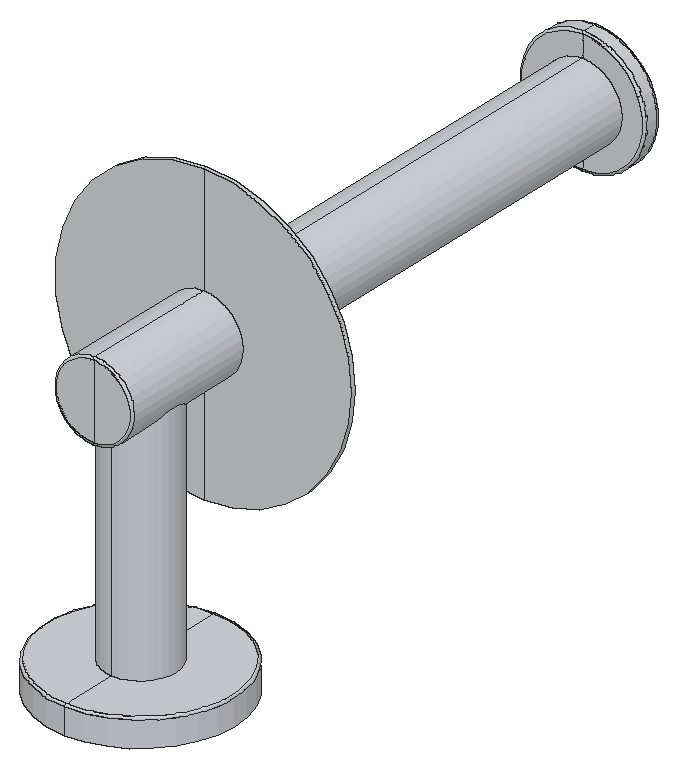
Revit family "Accessory-Tissue_Holder-KOHLER-STILLNESS-K-14459T_1", category Specialty Equipment, host Face, Revit 2017
Family settings
  Host = Face
  Round Connector Dimension = Use Diameter
  Part Type = Normal
  OmniClass Number = 23.31.25.21
  OmniClass Title = Toilet Paper Dispensers
  Cut with Voids When Loaded = No
  Shared = No
  Room Calculation Point = No
Parameters (values of type "CP-Polished Chrome")
  Width = 2 127/128"  # constant formula
  WaterSense Certified = 1 = 0  # no
  URL = "http://www.kohler.com.cn/en/"
  Type = 1
  Product Page URL = "http://www.kohler.com.cn/product/K-14459T-CP/K-14459T-CP/"
  Product Name = "STILLNESS"  # constant formula
  Product Documentation Link = "http://files.kohler.com.cn/pdfs/stillness.pdf"
  Model = if(Type = 1, "K-14459T-CP", if(Type = 2, "K-14459T-BN", if(Type = 3, "K-14459T-PGD", if(Type = 4, "K-14459T-RGD", if(Type = 5, "K-14459T-SN", "NA")))))  # "K-14459T-CP"
  Material = "Solid Brass Construction"  # constant formula
  Master Format 2014 Name = "Toilet, Bath, and Laundry Accessories"  # constant formula
  Master Format 2014 = "10 28 00"  # constant formula
  Manufacturer Address = "158 Jiangchang 3rd Road Zhabei District Shanghai, 200436 China"  # constant formula
  Manufacturer = "KOHLER Co."  # constant formula
  Length = 4 85/256"  # constant formula
  Height = 6 167/256"  # constant formula
  Finish = Kohler-Metal-CP-Polished_Chrome
  Environmental Product Declaration = ""
  Description = "Toilet Paper Holder (Vertical type)"  # constant formula
  Default Elevation = 42"
  Declare Label = ""
  Date Modified = "06/08/2020"  # constant formula
  Date Created = "06/08/2020"  # constant formula
  Copyright = "Copyright KOHLER Co."  # constant formula
  Contact Us = "http://www.kohler.com.cn/en/contact/contact-us/"
  Assembly Code = "C1030200"
  ADA Compliant = 1 = 0  # no
Types (6): name | Type | Product Page URL | Model | Finish
  (no name) | 1 | "http://www.kohler.com.cn/product/K-14459T-CP/K-14459T-CP/" | "K-14459T-CP" | Kohler-Metal-CP-Polished_Chrome
  CP-Polished Chrome | 1 | "http://www.kohler.com.cn/product/K-14459T-CP/K-14459T-CP/" | "K-14459T-CP" | Kohler-Metal-CP-Polished_Chrome
  BN-Roman Silver | 2 | "http://www.kohler.com.cn/product/K-14459T-CP/K-14459T-BN/" | "K-14459T-BN" | Kohler-Metal-BN-Roman_Silver
  PGD-Eternal Gold | 3 | "http://www.kohler.com.cn/product/K-14459T-CP/K-14459T-PGD/" | "K-14459T-PGD" | Kohler-Metal-PGD-Eternal_Gold
  RGD-Rose Gold | 4 | "http://www.kohler.com.cn/product/K-14459T-CP/K-14459T-RGD/" | "K-14459T-RGD" | Kohler-Metal-RGD-Rose_Gold
  SN-Champagne Gold | 5 | "http://www.kohler.com.cn/product/K-14459T-CP/K-14459T-SN/" | "K-14459T-SN" | Kohler-Metal-SN-Champagne_Gold
Reference planes (in)
  plane 1 "Center (Front/Back)": y = 0
  plane 2: z = 0
  plane 3 "Center (Left/Right)": x = 0
  plane 4: y = -0.94368
  plane 5: y = 0.94608
  plane 6: x = -0.94488
  plane 7: x = 0.94488
  plane 8: x = -1.49606
  plane 9: x = 1.49612
  plane 10: y = -0.59175
  plane 11: y = 0.7874
  plane 12: y = 0.82677
  plane 13: y = 5.70866
  plane 14: x = -0.62992
  plane 15: x = 0.62992
  plane 16: y = 5.53691
  plane 17: x = -0.3937
  plane 18: x = 0.3937
  plane 19: z = 2.83465
  plane 20: z = 0.27556
  plane 21: y = 0.35433
  plane 22: y = -0.35433
  plane 23: z = 3.23745
  plane 24: z = 2.45005
  plane 25: z = 3.47373
  plane 26: z = 2.19556
  plane 27: z = 4.33203
  plane 28: z = 1.33991
  plane 29: x = 0.35433
  plane 30: x = -0.35433
Dimensions and locks (in)
  locked: plane 4 to plane 5 at 1.88976
  locked: plane 6 to plane 7 at 1.88976
  "Width": plane 8 to plane 9
  plane 13 to plane 10 = 6.30041"
  "Height": plane 4 to plane 13
  locked: plane 28 to plane 27 at 2.99213
  "Length": plane 27 to plane 2
  aligned and locked: plane 2 to host face
  aligned and locked: level to host face
Automatic sketch dimensions
  host sketch curve to host sketch curve = 96"  (x2)
Nested families (in)
  nested 1: "K-14459T" at (0, 0, 0), type "K-14459T"
Definition of nested family "K-14459T"
  Parameters (values of type "K-14459T")
    Material = none
  Reference planes (in)
    plane 1 "Center (Front/Back)": y = 0
    plane 2: z = 0
    plane 3 "Center (Left/Right)": x = 0
    plane 4: x = -0.94488
    plane 5: x = 0.94488
    plane 6: y = 0.94488
    plane 7: y = -0.94488
    plane 8: x = -1.49606
    plane 9: x = 1.49606
    plane 10: y = -0.59055
    plane 11: y = 5.70866
    plane 12: y = 0.7874
    plane 13: y = 0.82677
    plane 14: z = 0.27556
    plane 15: z = 4.33071
    plane 16: z = 1.33858
    plane 17: z = 2.83465
    plane 18: y = 0.35433
    plane 19: y = -0.35433
    plane 20: x = 0.35433
    plane 21: x = -0.35433
    plane 22: z = 3.23745
    plane 23: z = 2.45005
    plane 24: z = 3.47373
    plane 25: z = 2.19556
    plane 26: x = -0.3937
    plane 27: x = 0.3937
    plane 28: x = 0.62992
    plane 29: x = -0.62992
  Forms (in)
    Revolve 1, solid, material <- "Material", detail levels medium+fine
      sketch origin (0, -5.12656, 0.01124) x (0, 0, -1) y (0, 1, 0)
        loop
          line (-2.83251, 4.53601) -> (-2.83251, 10.83522) -> (-3.44043, 10.83522)
          arc (-3.44043, 10.83522) -> (-3.45599, 10.82877) -> (-3.46243, 10.81321) r 0.02201
          line (-3.46243, 10.81321) -> (-3.46243, 10.68456)
          arc (-3.46243, 10.68456) -> (-3.45626, 10.66965) -> (-3.44134, 10.66347) r 0.02109
          line (-3.44134, 10.66347) -> (-3.22621, 10.66347) -> (-3.22621, 5.95333) -> (-4.31947, 5.95333) -> (-4.31947, 5.91396) -> (-3.22621, 5.91396) -> (-3.22621, 4.55796)
          arc (-3.22621, 4.55796) -> (-3.21978, 4.54244) -> (-3.20426, 4.53601) r 0.02195
          line (-3.20426, 4.53601) -> (-2.83251, 4.53601)
        axis (-2.83251, 4.53601) -> (-2.83251, 10.83522)
      angle from 0 to 360
    Revolve 2, solid, material <- "Material", detail levels medium+fine
      sketch origin (0, -1.28427, -1.28427) x (0, 0, -1) y (0, 1, 0)
        loop
          line (-1.28427, 1.28427) -> (-4.18337, 1.28427) -> (-4.18337, 0.92994) -> (-1.55986, 0.92994) -> (-1.55986, 0.3608)
          arc (-1.55986, 0.3608) -> (-1.55359, 0.34566) -> (-1.53846, 0.33939) r 0.02141
          line (-1.53846, 0.33939) -> (-1.28427, 0.33939) -> (-1.28427, 1.28427)
        axis (-1.28427, 1.28427) -> (-4.18337, 1.28427)
      angle from 0 to 360
    Revolve 3, solid, material <- "Material", detail levels coarse
      sketch origin (0, 0, 0) x (0, 1, 0) y (0, 0, 1)
        loop
          line (5.70791, 2.83465) -> (5.70791, 3.47183) -> (0.82677, 3.47183) -> (0.82677, 4.33071) -> (0.7874, 4.33071) -> (0.7874, 3.47183) -> (-0.59055, 3.47183) -> (-0.59055, 2.83465) -> (5.70791, 2.83465)
        axis (-0.59055, 2.83465) -> (5.70791, 2.83465)
      angle from 0 to 360
    Revolve 4, solid, material <- "Material", detail levels coarse
      sketch origin (0, 0, 0) x (0, 1, 0) y (0, 0, 1)
        loop
          line (0, 0) -> (0, 2.69718) -> (-0.35433, 2.69718) -> (-0.35433, 0.27556) -> (-0.94488, 0.27556) -> (-0.94488, 0) -> (0, 0)
        axis (0, 2.69718) -> (0, 0)
      angle from 0 to 360
  Cuts and joins
    joined: Revolve 1, Revolve 2
    joined: Revolve 3, Revolve 4
  Lines and regions (in)
    Masking region 1
      outline origin (0, 0, 0) x (1, 0, 0) y (0, 0, 1)
        loop
          line (0.94488, 0) -> (0.94488, 0.25446)
          arc (0.94488, 0.25446) -> (0.93869, 0.2694) -> (0.92375, 0.27559) r 0.02113
          line (0.92375, 0.27559) -> (0.35433, 0.27559) -> (0.35433, 1.38115)
          arc (0.35433, 1.38115) -> (1.1765, 1.9105) -> (1.49606, 2.83465) r 1.49606
          arc (1.49606, 2.83465) -> (1.05788, 3.89252) -> (0, 4.33071) r 1.49606
          arc (0, 4.33071) -> (-1.05788, 3.89252) -> (-1.49606, 2.83465) r 1.49606
          arc (-1.49606, 2.83465) -> (-1.1765, 1.9105) -> (-0.35433, 1.38115) r 1.49606
          line (-0.35433, 1.38115) -> (-0.35433, 0.27559) -> (-0.92375, 0.27559)
          arc (-0.92375, 0.27559) -> (-0.93869, 0.2694) -> (-0.94488, 0.25446) r 0.02113
          line (-0.94488, 0.25446) -> (-0.94488, 0) -> (0.94488, 0)
    Masking region 2
      outline origin (0, 0, -0.02641) x (0, 1, 0) y (0, 0, 1)
        loop
          line (5.53691, 3.26386) -> (0.82677, 3.26386) -> (0.82677, 4.35712) -> (0.7874, 4.35712) -> (0.7874, 3.26386) -> (-0.59055, 3.26386) -> (-0.59055, 2.47646) -> (-0.35433, 2.47646) -> (-0.35433, 0.302) -> (-0.9224, 0.302)
          arc (-0.9224, 0.302) -> (-0.9383, 0.29541) -> (-0.94488, 0.27951) r 0.02248
          line (-0.94488, 0.27951) -> (-0.94488, 0.02641) -> (0.94488, 0.02641) -> (0.94488, 0.27951)
          arc (0.94488, 0.27951) -> (0.9383, 0.29541) -> (0.9224, 0.302) r 0.02248
          line (0.9224, 0.302) -> (0.35433, 0.302) -> (0.35433, 2.47646) -> (0.7874, 2.47646) -> (0.7874, 1.36499) -> (0.82677, 1.36499) -> (0.82677, 2.47646) -> (5.53691, 2.47646) -> (5.53691, 2.244)
          arc (5.53691, 2.244) -> (5.54336, 2.22842) -> (5.55893, 2.22197) r 0.02202
          line (5.55893, 2.22197) -> (5.68667, 2.22197)
          arc (5.68667, 2.22197) -> (5.70222, 2.22841) -> (5.70866, 2.24396) r 0.02199
          line (5.70866, 2.24396) -> (5.70866, 3.47815)
          arc (5.70866, 3.47815) -> (5.70222, 3.4937) -> (5.68667, 3.50014) r 0.02199
          line (5.68667, 3.50014) -> (5.55893, 3.50014)
          arc (5.55893, 3.50014) -> (5.54336, 3.49369) -> (5.53691, 3.47811) r 0.02202
          line (5.53691, 3.47811) -> (5.53691, 3.26386)
    Masking region 3
      outline origin (0, 0, 0) x (1, 0, 0) y (0, 1, 0)
        loop
          arc (-0.3937, 0.85895) -> (-0.42587, 0.84346) -> (-0.45744, 0.82677) r 0.94488
          line (-0.45744, 0.82677) -> (-1.49606, 0.82677) -> (-1.49606, 0.7874) -> (-0.5223, 0.7874)
          arc (-0.5223, 0.7874) -> (-0.83256, 0.44681) -> (-0.94488, 0) r 0.94488
          arc (-0.94488, 0) -> (-0.66813, -0.66813) -> (0, -0.94488) r 0.94488
          arc (0, -0.94488) -> (0.66813, -0.66813) -> (0.94488, 0) r 0.94488
          arc (0.94488, 0) -> (0.83256, 0.44681) -> (0.5223, 0.7874) r 0.94488
          line (0.5223, 0.7874) -> (1.49606, 0.7874) -> (1.49606, 0.82677) -> (0.45744, 0.82677)
          arc (0.45744, 0.82677) -> (0.42587, 0.84346) -> (0.3937, 0.85895) r 0.94488
          line (0.3937, 0.85895) -> (0.3937, 5.53691) -> (0.6091, 5.53691)
          arc (0.6091, 5.53691) -> (0.62382, 5.54301) -> (0.62992, 5.55773) r 0.02082
          line (0.62992, 5.55773) -> (0.62992, 5.68574)
          arc (0.62992, 5.68574) -> (0.62321, 5.70195) -> (0.607, 5.70866) r 0.02292
          line (0.607, 5.70866) -> (-0.607, 5.70866)
          arc (-0.607, 5.70866) -> (-0.62321, 5.70195) -> (-0.62992, 5.68574) r 0.02292
          line (-0.62992, 5.68574) -> (-0.62992, 5.55773)
          arc (-0.62992, 5.55773) -> (-0.62382, 5.54301) -> (-0.6091, 5.53691) r 0.02082
          line (-0.6091, 5.53691) -> (-0.3937, 5.53691) -> (-0.3937, 0.85895)
    symbolic lines, detail levels medium+fine
      curve 1: line (0, 5.53691, 3.23745) -> (0, 5.53691, 2.45005)
      curve 2: line (0, 0.82677, 3.23745) -> (0, 0.82677, 2.45005)
      curve 3: line (0, 0.7874, 3.23745) -> (0, 0.7874, 2.45005)
      curve 4: line (0, 0.35433, 0.27556) -> (0, -0.35433, 0.27556)
      curve 5: line (-0.45744, 0.82677, 0) -> (0.45744, 0.82677, 0)
      curve 6: line (-0.5223, 0.7874, 0) -> (0.5223, 0.7874, 0)
      curve 7: line (-0.3937, -0.55118, 0) -> (-0.3937, 0.7874, 0)
      curve 8: line (-0.35433, -0.59055, 0) -> (0.35433, -0.59055, 0)
      curve 9: line (0.3937, -0.55118, 0) -> (0.3937, 0.7874, 0)
      curve 10: line (-0.3937, 5.53691, 0) -> (0.3937, 5.53691, 0)
      curve 11: line (0, 0.35433, 2.45005) -> (0, -0.35433, 2.45005)
      curve 12: line (-0.3937, 0.87969, 0) -> (-0.3937, 0.82677, 0)
      curve 13: line (0.3937, 0.87969, 0) -> (0.3937, 0.82677, 0)
      curve 14: line (-0.35433, 0, 0.27556) -> (0.35433, 0, 0.27556)
      curve 15: arc (0.35433, 0, 1.38115) -> (0.17844, 0, 1.34926) -> (0, 0, 1.33858) r 1.49606
      curve 16: arc (0, 0, 1.33858) -> (-0.17844, 0, 1.34926) -> (-0.35433, 0, 1.38115) r 1.49606
      curve 17: arc (-0.35433, -0.59055, 0) -> (-0.38217, -0.57902, 0) -> (-0.3937, -0.55118, 0) r 0.03937
      curve 18: arc (0.35433, -0.59055, 0) -> (0.38217, -0.57902, 0) -> (0.3937, -0.55118, 0) r 0.03937
      curve 19: arc (0, 0, 3.47373) -> (0.44871, 0, 3.28595) -> (0.62992, 0, 2.83455) r 0.62999
      curve 20: arc (0.62992, 0, 2.83455) -> (0.44325, 0, 2.38859) -> (0, 0, 2.19556) r 0.64872
      curve 21: arc (0, 0, 3.47373) -> (-0.44871, 0, 3.28595) -> (-0.62992, 0, 2.83455) r 0.62999
      curve 22: arc (-0.62992, 0, 2.83455) -> (-0.44325, 0, 2.38859) -> (0, 0, 2.19556) r 0.64872
  Dimensions and locks (in)
    locked: plane 4 to plane 5 at 1.88976
    locked: plane 6 to plane 7 at 1.88976
    locked: plane 8 to plane 9 at 2.99213
    plane 10 to plane 11 = 6.29921"
    locked: plane 1 "Center (Front/Back)" to plane 12 at 0.7874
    plane 13 to plane 11 = 4.88189"
    locked: plane 14 to plane 2 at 0.27556
    locked: plane 15 to plane 2 at 4.33071
    locked: plane 15 to plane 16 at 2.99213
    locked: plane 15 to plane 17 at 1.49606
    aligned and locked: level to plane 2
